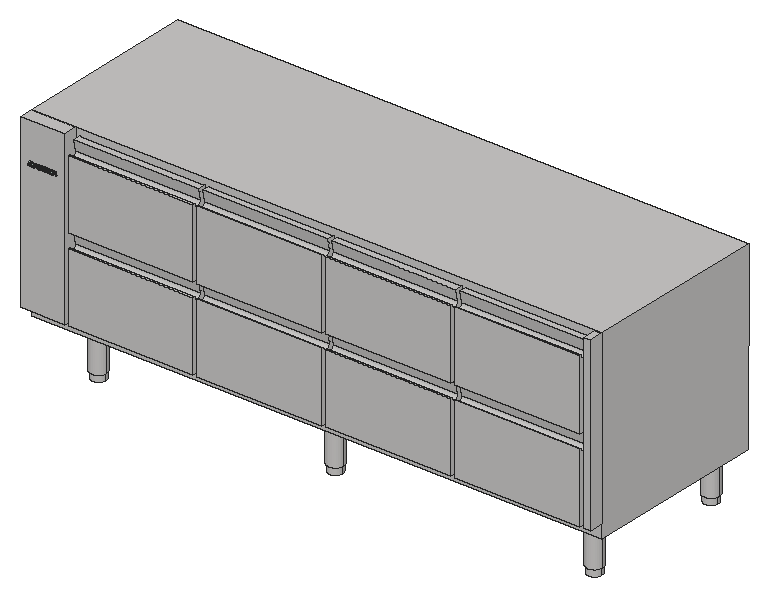
Revit family "QF_ALPENINOX_713329_AC6R4RL", category Attrezzature speciali, Revit 2018
Family settings
  Quota connettore circolare = Usa diametro
  Tipo di parte = Normale
  Basato su piano di lavoro = No
  Sempre verticale = Sì
  Taglio con vuoti quando caricato = No
  Condiviso = No
  Punto di calcolo locali = No
Parameters (values of type "Standard")
  Weight = 124.00 kg
  Watts = 30 W
  Volts = 220 V
  URL Manufacturer = "http://www.alpeninox.com"
  URL = "http://www.alpeninox.com"
  Steam Supply Size = 0 mm
  Steam Supply Minimum Pressure = 0.0 Pa
  Steam Supply Maximum Pressure = 0.0 Pa
  Steam Consumption per Hour = 0
  Refrigeration Suction Line Size = 9.5 mm
  Refrigeration Liquid Line Size = 8 mm
  Refrigerant Compressor Remote = yes
  Produttore = "Alpeninox"
  Phase = 1
  Modello = "AC6R4RL"
  Length Actual = 2012 mm  # constant formula
  Item Number = "713329"
  Hot Water Size = 0 mm
  Height Actual = 800 mm  # constant formula
  HP = "0 HP"
  Gas Size = 0 mm
  Gas KW = 0
  Gas Input Pressure = 0 W
  Direct Waste Size = 0 mm
  Descrizione = "REFR.COUNTER 590L 8x1/2DRW NOTOP REM CU_LFT A304"
  Depth Actual = 700 mm  # constant formula
  Cycle = 50 Hz
  Condensate Return Size = 0 mm
  Compressed Air Volume = 0.0 L/s
  Compressed Air Size = 0 mm
  Compressed Air Pressure = 0.0 Pa
  Cold Water Size = 0 mm
  Accessory = yes
Types (2, lengths in mm): name | URL | Refrigeration Suction Line Size | Refrigeration Liquid Line Size | Produttore | Phase | Modello | Descrizione
  (no name) | 0 | 0 | 0 | 0 | 0 | 0 | 0
  Standard | "http://www.alpeninox.com" | 9.5 | 8 | "Alpeninox" | 1 | "AC6R4RL" | "REFR.COUNTER 590L 8x1/2DRW NOTOP REM CU_LFT A304"
Values of the unnamed type that differ from the named types
  Weight = 0.00 kg
  Watts = 0 W
  Volts = 0 V
  URL Manufacturer = ""
  Item Number = ""
  HP = ""
  Cycle = 0 Hz
Reference planes
  plane 1: z = 0
  plane 2 "Center (Left/Right)": x = -124.5
  plane 3 "Center (Front/Back)": y = 64.5
  plane 4 "FEET": z = 150
  plane 5 "TOP": z = 850
  plane 6 "PLAIN": z = 800
  plane 7 "EI_back": y = 349
  plane 8 "EI_left": x = -1064
  plane 9 "BACK": y = 412
  plane 10 "FRONT": y = -283
  plane 11 "DOOR": y = -233
  plane 12 "LEFT": x = -1130
  plane 13 "RIGHT": x = 881
  plane 14: x = -1105
  plane 15: x = 856
  plane 16 "RO_left": x = -1051
  plane 17 "RI_left": x = -1022
  plane 18 "RO_back": y = 54
  plane 19 "RI_back": y = 54
  plane 20 "DRAINleft": x = -1064
  plane 21 "DRAINback": y = 164
Forms (mm)
  Extrusion 1, solid, material "QF_Finishes_Stainless Steel"
    sketch origin (-1022.223, -1524, 150) x (-1, 0, 0) y (0, -1, 0)
      loop
        circle (41.777, -1873) r 5
    from 0 to -40
  Extrusion 2, solid, material "QF_Finishes_Stainless Steel"
    sketch origin (-1022.223, -1524, 150) x (-1, 0, 0) y (0, -1, 0)
      loop
        line (-1878.223, -1291) -> (-1878.223, -1241) -> (-1903.223, -1241) -> (-1903.223, -1291) -> (-1878.223, -1291)
    from 48 to 650
  Extrusion 3, solid, material "QF_Finishes_Stainless Steel"
    sketch origin (-1022.223, -1524, 150) x (-1, 0, 0) y (0, -1, 0)
      loop
        circle (28.777, -1578) r 4.25
    from 0 to -20
  Extrusion 4, solid, material "QF_Finishes_Stainless Steel"
    sketch origin (-1022.223, -1524, 150) x (-1, 0, 0) y (0, -1, 0)
      loop
        circle (-0.223, -1578) r 4
    from 0 to -20
  Extrusion 5, solid, material "QF_Finishes_Stainless Steel"
    sketch origin (-1022.223, -1524, 150) x (-1, 0, 0) y (0, -1, 0)
      loop
        circle (41.777, -1688) r 8.5
    from 0 to -40
  Extrusion 6, solid, material "QF_Finishes_Stainless Steel"
    sketch origin (-1022.223, -1524, 150) x (-1, 0, 0) y (0, -1, 0)
      loop
        line (107.777, -1936) -> (107.777, -1291) -> (-1903.223, -1291) -> (-1903.223, -1936) -> (107.777, -1936)
    from 0 to 650
Lines and regions (mm)
  symbolic lines, style "SpecialityEquipmentHiddenLines"
    curve 1: line (-1130, 412, 150) -> (881, 412, 150)
    curve 2: line (-1130, -283, 150) -> (-1130, 412, 150)
    curve 3: line (881, -283, 150) -> (-1130, -283, 150)
    curve 4: line (881, 412, 150) -> (881, -283, 150)
    curve 5: line (-1130, -233, 150) -> (881, -233, 150)
    curve 6: line (856, -233, 150) -> (856, -283, 150)
Dimensions and locks
  plane 4 "FEET" to level = 150 mm
  plane 11 "DOOR" to plane 10 "FRONT" = 50 mm
  plane 6 "PLAIN" to plane 4 "FEET" = 650 mm
  plane 5 "TOP" to plane 6 "PLAIN" = 50 mm
  plane 12 "LEFT" to plane 14 = 25 mm
  plane 15 to plane 13 "RIGHT" = 25 mm
  plane 9 "BACK" to plane 18 "RO_back" = 358 mm
  plane 9 "BACK" to plane 7 "EI_back" = 63 mm
  plane 9 "BACK" to plane 19 "RI_back" = 358 mm
  plane 9 "BACK" to plane 21 "DRAINback" = 248 mm
  plane 12 "LEFT" to plane 20 "DRAINleft" = 66 mm
  plane 12 "LEFT" to plane 8 "EI_left" = 66 mm
  plane 12 "LEFT" to plane 17 "RI_left" = 108 mm
  plane 12 "LEFT" to plane 16 "RO_left" = 79 mm
  plane 9 "BACK" to plane 10 "FRONT" = 695 mm
  equal spacing: plane 9 "BACK", plane 3 "Center (Front/Back)", plane 10 "FRONT"
  plane 12 "LEFT" to plane 13 "RIGHT" = 2011 mm
  equal spacing: plane 12 "LEFT", plane 2 "Center (Left/Right)", plane 13 "RIGHT"
  aligned and locked: level to plane 1
Automatic sketch dimensions
  Extrusion 1 sketch curve to plane 7 "EI_back" = 0 mm
  Extrusion 1 sketch curve to plane 8 "EI_left" = 0 mm
  Extrusion 2 sketch curve to plane 11 "DOOR" = 0 mm
  Extrusion 2 sketch curve to plane 13 "RIGHT" = 0 mm
  Extrusion 2 sketch curve to plane 10 "FRONT" = 0 mm
  Extrusion 2 sketch curve to plane 15 = 0 mm
  Extrusion 3 sketch curve to plane 16 "RO_left" = 0 mm
  Extrusion 3 sketch curve to plane 18 "RO_back" = 0 mm
  Extrusion 4 sketch curve to plane 17 "RI_left" = 0 mm
  Extrusion 4 sketch curve to plane 19 "RI_back" = 0 mm
  Extrusion 5 sketch curve to plane 20 "DRAINleft" = 0 mm
  Extrusion 5 sketch curve to plane 21 "DRAINback" = 0 mm
  Extrusion 6 sketch curve to plane 9 "BACK" = 0 mm
  Extrusion 6 sketch curve to plane 13 "RIGHT" = 0 mm
  Extrusion 6 sketch curve to plane 11 "DOOR" = 0 mm
  Extrusion 6 sketch curve to plane 12 "LEFT" = 0 mm
  curve 1 to plane 13 "RIGHT" = 0 mm
  curve 6 to plane 15 = 0 mm
  curve 5 to plane 11 "DOOR" = 0 mm
  curve 5 to plane 12 "LEFT" = 0 mm
  curve 6 to plane 10 "FRONT" = 0 mm
  curve 1 to plane 9 "BACK" = 0 mm
  radius of Extrusion 1 sketch curve = 5 mm
  radius of Extrusion 3 sketch curve = 4.25 mm
  radius of Extrusion 4 sketch curve = 4 mm
  radius of Extrusion 5 sketch curve = 8.5 mm
Nested families
  nested 1: "HP_Refrigerator" at (881, -283, 0), type "HP_Refrigerator"
  nested 2: "HP_FEET" at (-934, 331, 0), type "HP_FEET"
  nested 3: "HP_FEET" at (815, 331, 0), type "HP_FEET"
  nested 4: "HP_FEET" at (-934, -183, 0), type "HP_FEET"
  nested 5: "HP_FEET" at (815, -183, 0), type "HP_FEET"
  nested 6: "HP_FEET" at (-99, -183, 0), type "HP_FEET"
  nested 7: "HP_APX_REM_TN_L" at (-973.08, -233, 548) x (1, 0, 0) z (0, -1, 0), type "HP_APX_REM_TN_L"
    with Show Logo yes
  nested 8: "HP_APX_HALF" at (-740, -233, 458.08) x (1, 0, 0) z (0, -1, 0), type "HP_APX_HALF"
    with Show Clearance yes
  nested 9: "HP_APX_HALF" at (-286, -233, 458.08) x (1, 0, 0) z (0, -1, 0), type "HP_APX_HALF"
    with Show Clearance yes
  nested 10: "HP_APX_HALF" at (168, -233, 458.08) x (1, 0, 0) z (0, -1, 0), type "HP_APX_HALF"
    with Show Clearance yes
  nested 11: "HP_APX_HALF" at (622, -233, 458.08) x (1, 0, 0) z (0, -1, 0), type "HP_APX_HALF"
    with Show Clearance yes
Connectors
  electrical at (-1064, 349, 110), driven by "Volts"
    settings: on Extrusion 1, index 1, voltage 220 V, apparent load 0 VA, apparent load phase1 0 VA, apparent load phase2 0 VA, apparent load phase3 0 VA, power factor 1, load classification "Other", number of poles 1, system type 31, power factor state 1, is connector primary yes, connector utility no, sub classification motor no, connector description "Electrical Connection"
  piping at (-1051, 54, 130), diameter 9.5, driven by "Refrigeration Suction Line Size"
    settings: on Extrusion 3, index 3, connector inside diameter 609.6 mm, connector length 0 mm, flow factor 0, pipe flow 0.0 L/s, pressure drop 0.0 Pa, fitting loss kfactor 0, connector angle 0.00°, fixture units 0, engagement length 0 mm, angle of deflection 0.00°, flow configuration 1, flow direction 2, fitting loss method 0, system type 8, joint type 0, gender type 0, connector reference index -1, connector utility 0, adjustable connector no, is connector primary yes, connector description "Refrigerant Outlet"
  piping at (-1022, 54, 130), diameter 8, driven by "Refrigeration Liquid Line Size"
    settings: on Extrusion 4, index 4, connector inside diameter 609.6 mm, connector length 0 mm, flow factor 0, pipe flow 0.0 L/s, pressure drop 0.0 Pa, fitting loss kfactor 0, connector angle 0.00°, fixture units 0, engagement length 0 mm, angle of deflection 0.00°, flow configuration 1, flow direction 1, fitting loss method 0, system type 7, joint type 0, gender type 0, connector reference index -1, connector utility 0, adjustable connector no, is connector primary no, connector description "Refrigerant Inlet"
  piping at (-1064, 164, 110), diameter 17
    settings: on Extrusion 5, index 5, connector inside diameter 609.6 mm, connector length 0 mm, flow factor 0, pipe flow 0.0 L/s, pressure drop 0.0 Pa, fitting loss kfactor 0, connector angle 0.00°, fixture units 0, engagement length 0 mm, angle of deflection 0.00°, flow configuration 1, flow direction 2, fitting loss method 0, system type 16, joint type 0, gender type 0, connector reference index -1, connector utility 0, adjustable connector no, is connector primary no, connector description "Drain"
Definition of nested family "HP_FEET"
  Parameters
    FEET = 150 mm
  Reference planes
    plane 1 "Center (Front/Back)": y = 0
    plane 2: z = 0
    plane 3 "Center (Left/Right)": x = 0
    plane 4: z = 150
  Forms (mm)
    Revolve 1, solid
      sketch origin (255.05, 0, 608.09) x (0, 0, 1) y (-1, 0, 0)
        loop
          line (-608.09, 255.05) -> (-608.09, 230.05) -> (-583.09, 230.05) -> (-583.09, 226.05) -> (-458.09, 226.05) -> (-458.09, 255.05) -> (-608.09, 255.05)
        axis (-608.09, 255.05) -> (-458.09, 255.05)
      angle from 0 to 360
  Dimensions and locks
    locked: Revolve 1 sketch curve to Revolve 1 sketch curve at 125
    "FEET": plane 4 to plane 2
    aligned and locked: level to plane 2
    aligned and locked: plane 4 to Revolve 1 sketch curve
    aligned and locked: Revolve 1 sketch curve to level
    aligned and locked: plane 3 "Center (Left/Right)" to Revolve 1 sketch curve
  Automatic sketch dimensions
    Revolve 1 sketch curve to plane 3 "Center (Left/Right)" = 0 mm
    Revolve 1 sketch curve to Revolve 1 sketch curve = 25 mm
    Revolve 1 sketch curve to Revolve 1 sketch curve = 29 mm
    plane 4 to Revolve 1 sketch curve = 50 mm
    Revolve 1 sketch curve to Revolve 1 sketch curve = 20 mm
Definition of nested family "HP_APX_REM_TN_L"
  Parameters
    Show Logo [instance] = yes
    Default Elevation = 1219.2 mm
  Reference planes
    plane 1 "Centro (Fronte/Retro)": y = -49
    plane 2: z = 0
    plane 3 "Centro (Sinistra/Destra)": x = -78.92
  Forms (mm)
    Extrusion 1, solid
      sketch origin (0, 0, 0) x (1, 0, 0) y (0, 1, 0)
        loop
          line (-1219.2, 1219.2) -> (-1219.2, -1219.2) -> (1219.2, -1219.2) -> (1219.2, 1219.2) -> (-1219.2, 1219.2)
      from 0 to -304.8
    Extrusion 2, solid
      sketch origin (0, 0, 0) x (1, 0, 0) y (0, 1, 0)
        loop
          line (-156.92, 252) -> (-156.92, -350) -> (-0.92, -350) -> (-0.92, 252) -> (-156.92, 252)
      from 0 to 50
    Extrusion 3, solid
      sketch origin (43.141, -49.023, 0) x (1, 0, 0) y (0, 1, 0)
        loop
          line (-168.675, 170.349) -> (-172.411, 160.318)
          arc (-172.411, 160.318) -> (-171.624, 158.497) -> (-169.837, 159.36) r 1.374
          line (-169.837, 159.36) -> (-169.268, 161.111) -> (-164.1, 161.111) -> (-163.54, 159.379)
          arc (-163.54, 159.379) -> (-161.802, 158.542) -> (-161.049, 160.318) r 1.333
          line (-161.049, 160.318) -> (-164.694, 170.349)
          arc (-164.694, 170.349) -> (-166.685, 171.876) -> (-168.675, 170.349) r 2.06
        loop
          line (-166.681, 169.055) -> (-168.469, 163.655) -> (-164.935, 163.655) -> (-166.681, 169.055)
        loop
          arc (-159.705, 160.042) -> (-159.262, 158.973) -> (-158.194, 158.531) r 1.512
          line (-158.194, 158.531) -> (-153.608, 158.531)
          arc (-153.608, 158.531) -> (-152.337, 159.802) -> (-153.608, 161.074) r 1.272
          line (-153.608, 161.074) -> (-156.917, 161.074) -> (-156.917, 170.328)
          arc (-156.917, 170.328) -> (-158.311, 171.722) -> (-159.705, 170.328) r 1.394
          line (-159.705, 170.328) -> (-159.705, 160.042)
        loop
          line (-151.076, 170.218) -> (-151.076, 159.859)
          arc (-151.076, 159.859) -> (-149.683, 158.466) -> (-148.29, 159.859) r 1.393
          line (-148.29, 159.859) -> (-148.29, 162.882) -> (-146.225, 162.882)
          arc (-146.225, 162.882) -> (-142.999, 163.859) -> (-141.608, 166.928) r 4.082
          arc (-141.608, 166.928) -> (-142.993, 170.272) -> (-146.336, 171.657) r 4.728
          line (-146.336, 171.657) -> (-149.638, 171.657)
          arc (-149.638, 171.657) -> (-150.655, 171.235) -> (-151.076, 170.218) r 1.439
        loop
          line (-148.29, 165.313) -> (-146.388, 165.313)
          arc (-146.388, 165.313) -> (-144.433, 167.268) -> (-146.388, 169.222) r 1.955
          line (-146.388, 169.222) -> (-148.29, 169.222) -> (-148.29, 165.313)
        loop
          arc (-131.184, 166.332) -> (-132.004, 168.2) -> (-133.767, 169.228) r 3.3
          arc (-133.767, 169.228) -> (-136.353, 168.661) -> (-137.611, 166.332) r 3.176
          line (-137.611, 166.332) -> (-131.184, 166.332)
        loop
          line (-137.538, 163.743) -> (-130.544, 163.743)
          arc (-130.544, 163.743) -> (-129.292, 163.916) -> (-128.301, 164.701) r 2.4
          arc (-128.301, 164.701) -> (-128.155, 165.545) -> (-128.212, 166.399) r 3.635
          arc (-128.212, 166.399) -> (-130.364, 170.162) -> (-134.39, 171.769) r 6.579
          arc (-134.39, 171.769) -> (-138.918, 169.706) -> (-140.661, 165.044) r 6.501
          arc (-140.661, 165.044) -> (-139.276, 160.789) -> (-135.401, 158.549) r 6.252
          arc (-135.401, 158.549) -> (-132.922, 158.526) -> (-130.544, 159.232) r 8.361
          arc (-130.544, 159.232) -> (-129.466, 159.781) -> (-128.641, 160.666) r 3.486
          arc (-128.641, 160.666) -> (-128.419, 161.592) -> (-128.828, 162.451) r 1.425
          arc (-128.828, 162.451) -> (-129.368, 162.762) -> (-129.99, 162.762) r 1.203
          arc (-129.99, 162.762) -> (-130.406, 162.59) -> (-130.764, 162.316) r 1.724
          arc (-130.764, 162.316) -> (-131.666, 161.705) -> (-132.646, 161.229) r 7.6
          arc (-132.646, 161.229) -> (-135.676, 161.35) -> (-137.538, 163.743) r 3.6
        loop
          line (-126.669, 170.328) -> (-126.669, 159.859)
          arc (-126.669, 159.859) -> (-125.273, 158.463) -> (-123.878, 159.859) r 1.396
          line (-123.878, 159.859) -> (-123.878, 166.785) -> (-117.946, 159.029)
          arc (-117.946, 159.029) -> (-116.361, 158.51) -> (-115.379, 159.859) r 1.417
          line (-115.379, 159.859) -> (-115.379, 170.328)
          arc (-115.379, 170.328) -> (-116.774, 171.723) -> (-118.169, 170.328) r 1.395
          line (-118.169, 170.328) -> (-118.169, 163.311) -> (-124.101, 171.157)
          arc (-124.101, 171.157) -> (-125.687, 171.678) -> (-126.669, 170.328) r 1.418
        loop
          arc (-113.636, 159.859) -> (-112.241, 158.464) -> (-110.847, 159.859) r 1.394
          line (-110.847, 159.859) -> (-110.847, 170.328)
          arc (-110.847, 170.328) -> (-112.241, 171.723) -> (-113.636, 170.328) r 1.394
          line (-113.636, 170.328) -> (-113.636, 159.859)
        loop
          line (-109.102, 170.328) -> (-109.102, 159.859)
          arc (-109.102, 159.859) -> (-107.706, 158.463) -> (-106.31, 159.859) r 1.396
          line (-106.31, 159.859) -> (-106.31, 166.785) -> (-100.378, 159.029)
          arc (-100.378, 159.029) -> (-98.793, 158.51) -> (-97.812, 159.859) r 1.417
          line (-97.812, 159.859) -> (-97.812, 170.328)
          arc (-97.812, 170.328) -> (-99.207, 171.723) -> (-100.602, 170.328) r 1.395
          line (-100.602, 170.328) -> (-100.602, 163.311) -> (-106.533, 171.157)
          arc (-106.533, 171.157) -> (-108.119, 171.678) -> (-109.102, 170.328) r 1.418
        loop
          arc (-96.345, 165.093) -> (-95.619, 161.877) -> (-93.467, 159.379) r 6.806
          arc (-93.467, 159.379) -> (-91.792, 158.566) -> (-89.948, 158.31) r 5.956
          arc (-89.948, 158.31) -> (-88.104, 158.566) -> (-86.43, 159.379) r 5.956
          arc (-86.43, 159.379) -> (-84.277, 161.877) -> (-83.551, 165.093) r 6.806
          arc (-83.551, 165.093) -> (-84.277, 168.31) -> (-86.43, 170.808) r 6.806
          arc (-86.43, 170.808) -> (-88.104, 171.621) -> (-89.948, 171.877) r 5.956
          arc (-89.948, 171.877) -> (-91.792, 171.621) -> (-93.467, 170.808) r 5.956
          arc (-93.467, 170.808) -> (-95.619, 168.31) -> (-96.345, 165.093) r 6.806
        loop
          arc (-93.425, 165.093) -> (-93.138, 163.212) -> (-92.081, 161.629) r 4.387
          arc (-92.081, 161.629) -> (-91.087, 161.049) -> (-89.948, 160.881) r 3.035
          arc (-89.948, 160.881) -> (-88.809, 161.049) -> (-87.815, 161.629) r 3.035
          arc (-87.815, 161.629) -> (-86.759, 163.212) -> (-86.472, 165.093) r 4.387
          arc (-86.472, 165.093) -> (-86.759, 166.975) -> (-87.815, 168.558) r 4.387
          arc (-87.815, 168.558) -> (-88.809, 169.138) -> (-89.948, 169.306) r 3.035
          arc (-89.948, 169.306) -> (-91.087, 169.138) -> (-92.081, 168.558) r 3.035
          arc (-92.081, 168.558) -> (-93.138, 166.975) -> (-93.425, 165.093) r 4.387
        loop
          line (-82.843, 169.609) -> (-79.829, 165.552) -> (-83.513, 160.652)
          arc (-83.513, 160.652) -> (-83.216, 158.692) -> (-81.262, 159.029) r 1.388
          line (-81.262, 159.029) -> (-78.213, 163.232) -> (-75.164, 159.029)
          arc (-75.164, 159.029) -> (-73.211, 158.692) -> (-72.913, 160.652) r 1.388
          line (-72.913, 160.652) -> (-76.597, 165.552) -> (-73.584, 169.609)
          arc (-73.584, 169.609) -> (-73.952, 171.597) -> (-75.908, 171.084) r 1.38
          line (-75.908, 171.084) -> (-78.213, 167.841) -> (-80.519, 171.084)
          arc (-80.519, 171.084) -> (-82.474, 171.597) -> (-82.843, 169.609) r 1.38
      from 50 to 51.6
  Lines and regions (mm)
    Split face 1
      outline origin (0, 0, 50) x (1, 0, 0) y (0, 1, 0)
        loop
          line (-0.92, 188) -> (-156.92, 188)
    Split face 2
      outline origin (0, 0, 50) x (1, 0, 0) y (0, 1, 0)
        loop
          line (-156.92, 178) -> (-0.92, 178)
    Split face 3
      outline origin (0, 0, 50) x (1, 0, 0) y (0, 1, 0)
        loop
          line (-0.92, 104) -> (-156.92, 104)
    Split face 4
      outline origin (0, 0, 50) x (1, 0, 0) y (0, 1, 0)
        loop
          line (-0.92, 94) -> (-156.92, 94)
    Split face 5
      outline origin (0, 0, 50) x (1, 0, 0) y (0, 1, 0)
        loop
          line (-108.92, 163.931) -> (-108.92, 134.412) -> (-48.92, 134.412) -> (-48.92, 163.931) -> (-108.92, 163.931)
    Split face 6
      outline origin (0, 0, 50) x (1, 0, 0) y (0, 1, 0)
        loop
          line (-68.92, 160.931) -> (-68.92, 137.412) -> (-51.92, 137.412) -> (-51.92, 160.931) -> (-68.92, 160.931)
    symbolic lines
      curve 1: line (-2, -49, 50) -> (-2, -49, 0)
  Dimensions and locks
    equal spacing: Extrusion 2, plane 3 "Centro (Sinistra/Destra)", Extrusion 2
    equal spacing: Extrusion 2, plane 1 "Centro (Fronte/Retro)", Extrusion 2
    Extrusion 2 to Extrusion 2 = 156 mm
    aligned and locked: plane 2 to Extrusion 1
    aligned and locked: level to Extrusion 1
  Automatic sketch dimensions
    curve 1 to level = 0 mm
    plane 3 "Centro (Sinistra/Destra)" to curve 1 = 76.92 mm
    curve 1 to curve 1 = 50 mm
    Extrusion 1 sketch curve to Extrusion 1 sketch curve = 2438.4 mm  (x2)
    Extrusion 2 sketch curve to plane 3 "Centro (Sinistra/Destra)" = 78 mm
    plane 3 "Centro (Sinistra/Destra)" to Extrusion 2 sketch curve = 78 mm
    plane 1 "Centro (Fronte/Retro)" to Extrusion 2 sketch curve = 301 mm
    Extrusion 2 sketch curve to plane 1 "Centro (Fronte/Retro)" = 301 mm
    Extrusion 3 sketch curve to plane 3 "Centro (Sinistra/Destra)" = 50.35 mm
    Extrusion 3 sketch curve to Extrusion 3 sketch curve = 1.266 mm
    Extrusion 3 sketch curve to Extrusion 3 sketch curve = 1.307 mm
    Extrusion 3 sketch curve to Extrusion 3 sketch curve = 0.57 mm
    Extrusion 3 sketch curve to Extrusion 3 sketch curve = 0.593 mm
    Extrusion 3 sketch curve to Extrusion 3 sketch curve = 0.799 mm
    Extrusion 3 sketch curve to Extrusion 3 sketch curve = 1.99 mm  (x2)
    Extrusion 3 sketch curve to Extrusion 3 sketch curve = 0.003 mm
    Extrusion 3 sketch curve to Extrusion 3 sketch curve = 3.534 mm
    Extrusion 3 sketch curve to Extrusion 3 sketch curve = 0.835 mm
    Extrusion 3 sketch curve to Extrusion 3 sketch curve = 0.56 mm
    Extrusion 3 sketch curve to Extrusion 3 sketch curve = 1.268 mm
    Extrusion 3 sketch curve to Extrusion 3 sketch curve = 1.223 mm
    Extrusion 3 sketch curve to Extrusion 3 sketch curve = 1.344 mm
    Extrusion 3 sketch curve to Extrusion 3 sketch curve = 1.394 mm  (x2)
    Extrusion 3 sketch curve to Extrusion 3 sketch curve = 1.512 mm
    Extrusion 3 sketch curve to Extrusion 3 sketch curve = 3.309 mm
    Extrusion 3 sketch curve to Extrusion 3 sketch curve = 5.841 mm
    Extrusion 3 sketch curve to Extrusion 3 sketch curve = 1.393 mm
    Extrusion 3 sketch curve to Extrusion 3 sketch curve = 1.439 mm
    Extrusion 3 sketch curve to Extrusion 3 sketch curve = 0 mm  (x19)
    Extrusion 3 sketch curve to Extrusion 3 sketch curve = 1.902 mm
    Extrusion 3 sketch curve to Extrusion 3 sketch curve = 0.052 mm
    Extrusion 3 sketch curve to Extrusion 3 sketch curve = 2.065 mm
    Extrusion 3 sketch curve to Extrusion 3 sketch curve = 0.647 mm
    Extrusion 3 sketch curve to Extrusion 3 sketch curve = 8.079 mm
    Extrusion 3 sketch curve to Extrusion 3 sketch curve = 0.073 mm
    Extrusion 3 sketch curve to Extrusion 3 sketch curve = 2.145 mm
    Extrusion 3 sketch curve to Extrusion 3 sketch curve = 2.931 mm
    Extrusion 3 sketch curve to Extrusion 3 sketch curve = 0.213 mm
    Extrusion 3 sketch curve to Extrusion 3 sketch curve = 0.026 mm
    Extrusion 3 sketch curve to Extrusion 3 sketch curve = 0.263 mm
    Extrusion 3 sketch curve to Extrusion 3 sketch curve = 0.516 mm
    Extrusion 3 sketch curve to Extrusion 3 sketch curve = 0.356 mm
    Extrusion 3 sketch curve to Extrusion 3 sketch curve = 0.387 mm
    Extrusion 3 sketch curve to Extrusion 3 sketch curve = 2.378 mm
    Extrusion 3 sketch curve to Extrusion 3 sketch curve = 2.466 mm
    Extrusion 3 sketch curve to Extrusion 3 sketch curve = 0.602 mm
    Extrusion 3 sketch curve to Extrusion 3 sketch curve = 1.02 mm
    Extrusion 3 sketch curve to Extrusion 3 sketch curve = 0.949 mm
    Extrusion 3 sketch curve to Extrusion 3 sketch curve = 1.728 mm
    Extrusion 3 sketch curve to Extrusion 3 sketch curve = 0.157 mm  (x2)
    Extrusion 3 sketch curve to Extrusion 3 sketch curve = 0.292 mm
    Extrusion 3 sketch curve to plane 3 "Centro (Sinistra/Destra)" = 4.608 mm
    Extrusion 3 sketch curve to Extrusion 3 sketch curve = 1.396 mm  (x2)
    Extrusion 3 sketch curve to Extrusion 3 sketch curve = 1.418 mm  (x2)
    Extrusion 3 sketch curve to Extrusion 3 sketch curve = 1.151 mm  (x2)
    plane 3 "Centro (Sinistra/Destra)" to Extrusion 3 sketch curve = 3.891 mm
    plane 3 "Centro (Sinistra/Destra)" to Extrusion 3 sketch curve = 4.115 mm
    Extrusion 3 sketch curve to Extrusion 3 sketch curve = 1.149 mm  (x2)
    Extrusion 3 sketch curve to Extrusion 3 sketch curve = 1.395 mm  (x2)
    Extrusion 3 sketch curve to Extrusion 3 sketch curve = 1.744 mm
    Extrusion 3 sketch curve to Extrusion 3 sketch curve = 1.745 mm
    Extrusion 3 sketch curve to Extrusion 3 sketch curve = 5.709 mm
    Extrusion 3 sketch curve to Extrusion 3 sketch curve = 0.224 mm
    Extrusion 3 sketch curve to Extrusion 3 sketch curve = 6.963 mm
    Extrusion 3 sketch curve to Extrusion 3 sketch curve = 0.493 mm  (x3)
    Extrusion 3 sketch curve to Extrusion 3 sketch curve = 0.273 mm  (x2)
    Extrusion 3 sketch curve to Extrusion 3 sketch curve = 0.021 mm  (x2)
    Extrusion 3 sketch curve to Extrusion 3 sketch curve = 0.226 mm  (x2)
    Extrusion 3 sketch curve to Extrusion 3 sketch curve = 0.268 mm  (x2)
    Extrusion 3 sketch curve to Extrusion 3 sketch curve = 0.294 mm
    Extrusion 3 sketch curve to Extrusion 3 sketch curve = 5.534 mm
    Extrusion 3 sketch curve to Extrusion 3 sketch curve = 6.205 mm
    Extrusion 3 sketch curve to Extrusion 3 sketch curve = 1.109 mm  (x2)
    Extrusion 3 sketch curve to Extrusion 3 sketch curve = 1.108 mm  (x2)
    Extrusion 3 sketch curve to Extrusion 3 sketch curve = 1.142 mm  (x2)
    Extrusion 3 sketch curve to Extrusion 3 sketch curve = 1.216 mm  (x2)
    Extrusion 3 sketch curve to Extrusion 3 sketch curve = 3.013 mm
    Extrusion 3 sketch curve to Extrusion 3 sketch curve = 1.616 mm  (x3)
    Extrusion 3 sketch curve to Extrusion 3 sketch curve = 2.305 mm
    Extrusion 3 sketch curve to Extrusion 3 sketch curve = 3.049 mm
    Extrusion 3 sketch curve to plane 1 "Centro (Fronte/Retro)" = 158.508 mm
    Extrusion 3 sketch curve to Extrusion 3 sketch curve = 0.498 mm
    Extrusion 3 sketch curve to Extrusion 3 sketch curve = 0.682 mm
    Extrusion 3 sketch curve to Extrusion 3 sketch curve = 0.664 mm
    Extrusion 3 sketch curve to Extrusion 3 sketch curve = 0.425 mm
    Extrusion 3 sketch curve to Extrusion 3 sketch curve = 0.41 mm
    Extrusion 3 sketch curve to Extrusion 3 sketch curve = 1.272 mm
    Extrusion 3 sketch curve to Extrusion 3 sketch curve = 0.789 mm  (x2)
    Extrusion 3 sketch curve to Extrusion 3 sketch curve = 0.056 mm
    Extrusion 3 sketch curve to Extrusion 3 sketch curve = 0.83 mm
    Extrusion 3 sketch curve to Extrusion 3 sketch curve = 1.238 mm
    Extrusion 3 sketch curve to Extrusion 3 sketch curve = 1.732 mm
    Extrusion 3 sketch curve to Extrusion 3 sketch curve = 0.346 mm
    Extrusion 3 sketch curve to Extrusion 3 sketch curve = 1.123 mm
    Extrusion 3 sketch curve to Extrusion 3 sketch curve = 3.023 mm
    Extrusion 3 sketch curve to Extrusion 3 sketch curve = 4.203 mm
    Extrusion 3 sketch curve to Extrusion 3 sketch curve = 3.452 mm  (x2)
    Extrusion 3 sketch curve to Extrusion 3 sketch curve = 2.544 mm
    Extrusion 3 sketch curve to Extrusion 3 sketch curve = 1.177 mm
    Extrusion 3 sketch curve to Extrusion 3 sketch curve = 3.261 mm
    Extrusion 3 sketch curve to Extrusion 3 sketch curve = 0.352 mm  (x2)
    Extrusion 3 sketch curve to Extrusion 3 sketch curve = 1.987 mm
    Extrusion 3 sketch curve to Extrusion 3 sketch curve = 0.171 mm
    Extrusion 3 sketch curve to Extrusion 3 sketch curve = 0.533 mm  (x3)
    Extrusion 3 sketch curve to Extrusion 3 sketch curve = 0.14 mm  (x4)
    Extrusion 3 sketch curve to Extrusion 3 sketch curve = 0.473 mm
    Extrusion 3 sketch curve to Extrusion 3 sketch curve = 0.31 mm  (x2)
    Extrusion 3 sketch curve to Extrusion 3 sketch curve = 0.075 mm
    Extrusion 3 sketch curve to Extrusion 3 sketch curve = 2.431 mm
    Extrusion 3 sketch curve to Extrusion 3 sketch curve = 2.32 mm  (x2)
    Extrusion 3 sketch curve to Extrusion 3 sketch curve = 1.992 mm
    Extrusion 3 sketch curve to Extrusion 3 sketch curve = 0.674 mm
    Extrusion 3 sketch curve to Extrusion 3 sketch curve = 0.732 mm
    Extrusion 3 sketch curve to Extrusion 3 sketch curve = 0.388 mm
    Extrusion 3 sketch curve to Extrusion 3 sketch curve = 0.121 mm
    Extrusion 3 sketch curve to Extrusion 3 sketch curve = 2.589 mm
    Extrusion 3 sketch curve to Extrusion 3 sketch curve = 0.662 mm
    Extrusion 3 sketch curve to Extrusion 3 sketch curve = 3.473 mm
    Extrusion 3 sketch curve to Extrusion 3 sketch curve = 0.681 mm
    Extrusion 3 sketch curve to Extrusion 3 sketch curve = 1.615 mm
    Extrusion 3 sketch curve to Extrusion 3 sketch curve = 0.34 mm
    Extrusion 3 sketch curve to Extrusion 3 sketch curve = 2.288 mm
    Extrusion 3 sketch curve to Extrusion 3 sketch curve = 0.942 mm
    Extrusion 3 sketch curve to Extrusion 3 sketch curve = 5.4 mm
    Extrusion 3 sketch curve to Extrusion 3 sketch curve = 1.768 mm  (x2)
    Extrusion 3 sketch curve to Extrusion 3 sketch curve = 0.761 mm
    Extrusion 3 sketch curve to Extrusion 3 sketch curve = 0.996 mm
    Extrusion 3 sketch curve to Extrusion 3 sketch curve = 3.543 mm  (x2)
    Extrusion 3 sketch curve to Extrusion 3 sketch curve = 7.017 mm
    Extrusion 3 sketch curve to Extrusion 3 sketch curve = 0.11 mm
    Extrusion 3 sketch curve to Extrusion 3 sketch curve = 0.823 mm  (x2)
    Extrusion 3 sketch curve to Extrusion 3 sketch curve = 0.947 mm
    Extrusion 3 sketch curve to Extrusion 3 sketch curve = 3.837 mm
    Extrusion 3 sketch curve to Extrusion 3 sketch curve = 0.623 mm
    Extrusion 3 sketch curve to Extrusion 3 sketch curve = 1.082 mm
    Extrusion 3 sketch curve to Extrusion 3 sketch curve = 0.801 mm
    Extrusion 3 sketch curve to Extrusion 3 sketch curve = 1 mm
    Extrusion 3 sketch curve to Extrusion 3 sketch curve = 0.089 mm
    Extrusion 3 sketch curve to Extrusion 3 sketch curve = 4.257 mm
    Extrusion 3 sketch curve to Extrusion 3 sketch curve = 4.345 mm  (x2)
    Extrusion 3 sketch curve to Extrusion 3 sketch curve = 2.576 mm
    Extrusion 3 sketch curve to Extrusion 3 sketch curve = 1.385 mm  (x4)
    Extrusion 3 sketch curve to Extrusion 3 sketch curve = 2.133 mm  (x4)
    Extrusion 3 sketch curve to Extrusion 3 sketch curve = 3.518 mm
    Extrusion 3 sketch curve to Extrusion 3 sketch curve = 5.603 mm
    Extrusion 3 sketch curve to Extrusion 3 sketch curve = 2.571 mm
    Split face 1 sketch curve to Extrusion 2 = 0 mm  (x2)
    Split face 1 sketch curve to Extrusion 2 = 64 mm
    Split face 2 sketch curve to Extrusion 2 = 0 mm
    Split face 2 sketch curve to Extrusion 2 = 74 mm
    Extrusion 2 to Split face 2 sketch curve = 0 mm
    Split face 3 sketch curve to Extrusion 2 = 0 mm  (x2)
    Split face 3 sketch curve to Extrusion 2 = 148 mm
    Split face 4 sketch curve to Extrusion 2 = 0 mm  (x2)
    Split face 4 sketch curve to Extrusion 2 = 158 mm
    Split face 5 sketch curve to Extrusion 2 = 48 mm  (x2)
    Split face 5 sketch curve to Extrusion 2 = 117.588 mm
    Split face 5 sketch curve to Split face 5 sketch curve = 29.518 mm
    Split face 6 sketch curve to Extrusion 2 = 68 mm
    Split face 6 sketch curve to Split face 6 sketch curve = 17 mm
    Split face 6 sketch curve to Extrusion 2 = 114.588 mm
    Split face 6 sketch curve to Split face 6 sketch curve = 23.518 mm
Definition of nested family "HP_APX_HALF"
  Parameters
    Show Clearance [instance] = yes
    Default Elevation = 1219.2 mm
  Reference planes
    plane 1 "Center (Front/Back)": y = 28.92
    plane 2: z = 0
    plane 3 "Center (Left/Right)": x = 0
    plane 4: x = -234
    plane 5: x = 234
    plane 6: z = 618
  Forms (mm)
    Extrusion 1, solid
      sketch origin (0, 0, 0) x (1, 0, 0) y (0, 1, 0)
        loop
          line (-1219.2, 1219.2) -> (-1219.2, -1219.2) -> (1219.2, -1219.2) -> (1219.2, 1219.2) -> (-1219.2, 1219.2)
      from 0 to -304.8
    Extrusion 2, solid
      sketch origin (0, 0, 0) x (0, 1, 0) y (0, 0, 1)
        loop
          line (317.92, 0) -> (317.92, 26) -> (278.314, 17)
          arc (278.314, 17) -> (264.314, 31) -> (278.314, 45) r 14
          line (278.314, 45) -> (278.314, 50) -> (33.92, 50) -> (33.92, 0) -> (317.92, 0)
        loop
          line (23.92, 0) -> (23.92, 26) -> (-15.686, 17)
          arc (-15.686, 17) -> (-29.686, 31) -> (-15.686, 45) r 14
          line (-15.686, 45) -> (-15.686, 50) -> (-260.08, 50) -> (-260.08, 0) -> (23.92, 0)
      from -220 to 220
    Extrusion 3, solid, visible <- "Show Clearance", detail levels coarse
      sketch origin (0, 0, 512) x (0, 1, 0) y (0, 0, 1)
        loop
          line (-260.08, 106) -> (-260.08, -462) -> (23.92, -462) -> (23.92, 82) -> (-15.686, 73)
          arc (-15.686, 73) -> (-29.686, 87) -> (-15.686, 101) r 14
          line (-15.686, 101) -> (-15.686, 106) -> (-260.08, 106)
        loop
          line (317.92, -462) -> (317.92, 82) -> (278.314, 73)
          arc (278.314, 73) -> (264.314, 87) -> (278.314, 101) r 14
          line (278.314, 101) -> (278.314, 106) -> (33.92, 106) -> (33.92, -462) -> (317.92, -462)
      from -220 to 220
  Lines and regions (mm)
    symbolic lines
      curve 1: line (220, 0, 140) -> (-220, 0, 140)
      curve 2: line (220, 0, 175) -> (-220, 0, 175)
      curve 3: line (220, 0, 260) -> (-220, 0, 260)
      curve 4: line (220, 0, 295) -> (-220, 0, 295)
      curve 5: line (191.424, 0, 140) -> (191.424, 0, 55)
      curve 6: line (-190, 0, 140) -> (-190, 0, 55)
      curve 7: line (191.424, 0, 260) -> (191.424, 0, 175)
      curve 8: line (-190, 0, 260) -> (-190, 0, 175)
      curve 9: line (220, 0, 260) -> (220, 0, 295)
      curve 10: line (-220, 0, 260) -> (-220, 0, 295)
      curve 11: line (220, 0, 140) -> (220, 0, 175)
      curve 12: line (-220, 0, 140) -> (-220, 0, 175)
  Dimensions and locks
    plane 4 to plane 3 "Center (Left/Right)" to plane 5 = 234 mm locked, 234 mm locked
    plane 6 to level = 618 mm
    aligned and locked: plane 2 to Extrusion 1
    aligned and locked: level to Extrusion 1
Definition of nested family "HP_Refrigerator"
  Reference planes
    plane 1 "Center (Front/Back)": y = 0
    plane 2: z = 0
    plane 3 "Center (Left/Right)": x = 0
  Lines and regions (mm)
    detail lines, in view "Ref. Level"
      curve 1: spline (-500, 190, 0) -> (-493.185, 166.706, 0) -> (-473.205, 145, 0) -> (-441.421, 126.36, 0) -> (-400, 112.058, 0) -> (-351.764, 103.067, 0) -> (-300, 100, 0) -> (-248.236, 103.067, 0) -> (-200, 112.058, 0) -> (-158.579, 126.36, 0) -> (-126.795, 145, 0) -> (-106.815, 166.706, 0) -> (-100, 190, 0) -> (-106.815, 213.294, 0) -> (-126.795, 235, 0) -> (-158.579, 253.64, 0) -> (-200, 267.942, 0) -> (-248.236, 276.933, 0) -> (-300, 280, 0) -> (-351.764, 276.933, 0) -> (-400, 267.942, 0) -> (-441.421, 253.64, 0) -> (-473.205, 235, 0) -> (-493.185, 213.294, 0) -> (-500, 190, 0)
      curve 2: line (-300, 130, 0) -> (-300, 250, 0)
      curve 3: line (-351.962, 220, 0) -> (-248.038, 160, 0)
      curve 4: line (-351.962, 160, 0) -> (-248.038, 220, 0)
      curve 5: line (-280.884, 246.873, 0) -> (-300, 225, 0)
      curve 6: line (-300, 225, 0) -> (-319.116, 246.873, 0)
      curve 7: line (-330.311, 207.5, 0) -> (-339.696, 234.992, 0)
      curve 8: line (-358.812, 201.882, 0) -> (-330.311, 207.5, 0)
      curve 9: line (-330.311, 172.5, 0) -> (-358.812, 178.118, 0)
      curve 10: line (-339.696, 145.008, 0) -> (-330.311, 172.5, 0)
      curve 11: line (-300, 155, 0) -> (-319.116, 133.127, 0)
      curve 12: line (-280.884, 133.127, 0) -> (-300, 155, 0)
      curve 13: line (-269.689, 172.5, 0) -> (-260.304, 145.008, 0)
      curve 14: line (-241.188, 178.118, 0) -> (-269.689, 172.5, 0)
      curve 15: line (-269.689, 207.5, 0) -> (-241.188, 201.882, 0)
      curve 16: line (-260.304, 234.992, 0) -> (-269.689, 207.5, 0)
